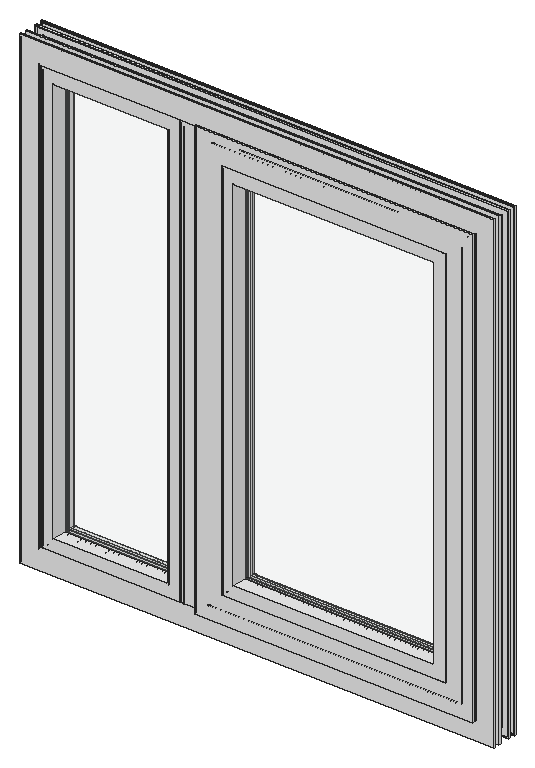
Revit family "Serene_T&T_Window_B_Custom", category Windows, host Wall, Revit 2014 (continued)
Definition of nested family "Serene_Fixed_Panel_B_Cust"
  Definition of nested family "Serene_Bead_D_Glazing_Square"
    Forms (mm)
      Sweep 1, solid, material <- "Profile Material"
        profile origin (450, 0, 0) x (0, 0, 1) y (0, -1, 0)
          loop
            line (-3.659, -5.4) -> (1.4, -5.4)
            arc (1.4, -5.4) -> (2.107, -5.107) -> (2.4, -4.4) r 1
            line (2.4, -4.4) -> (2.4, -1.2) -> (20.8, -1.2) -> (20.8, -12.4) -> (14.6, -12.4) -> (0, -16.7) -> (-3.659, -16.7)
            arc (-3.659, -16.7) -> (-4.142, -17.071) -> (-3.909, -17.633) r 0.5
            line (-3.909, -17.633) -> (-1.876, -18.807) -> (-1.876, -17.9) -> (0.173, -17.9) -> (14.6, -13.651) -> (14.6, -16.5) -> (17, -16.5) -> (17, -15.3) -> (15.8, -15.3) -> (15.8, -13.6) -> (20.8, -13.6) -> (20.8, -15.3) -> (19.6, -15.3) -> (19.6, -16.5) -> (22, -16.5)
    Lines and regions (mm)
      model lines, style "GenericModel"
        curve 1: line (22, 0, 1298) -> (0, 0, 1298)
        curve 2: line (878, 0, 1298) -> (900, 0, 1298)
        curve 3: line (878, 0, 22) -> (900, 0, 22)
        curve 4: line (22, 0, 22) -> (0, 0, 22)
    Dimensions and locks
      "Width Bead": Sweep 1 sketch curve to Sweep 1 sketch curve
      "Height Bead": Sweep 1 sketch curve to Sweep 1 sketch curve
      aligned and locked: level to plane 2
    Automatic sketch dimensions
      profile plane to Sweep 1 sketch curve = 3.909 mm  (x2)
      Sweep 1 sketch curve to Sweep 1 sketch curve = 0.25 mm  (x2)
      Sweep 1 sketch curve to Sweep 1 sketch curve = 2.033 mm
      Sweep 1 sketch curve to Sweep 1 sketch curve = 1.783 mm
      Sweep 1 sketch curve to Sweep 1 sketch curve = 1.876 mm  (x2)
      Sweep 1 sketch curve to Sweep 1 sketch curve = 0.173 mm
      Sweep 1 sketch curve to Sweep 1 sketch curve = 1.2 mm  (x9)
      Sweep 1 sketch curve to Sweep 1 sketch curve = 0.2 mm
      Sweep 1 sketch curve to Sweep 1 sketch curve = 12.2 mm
      Sweep 1 sketch curve to Sweep 1 sketch curve = 0 mm  (x4)
      Sweep 1 sketch curve to Sweep 1 sketch curve = 2.6 mm
      Sweep 1 sketch curve to plane 1 "Center (Front/Back)" = 18.807 mm
      Sweep 1 sketch curve to Sweep 1 sketch curve = 0.907 mm  (x2)
      Sweep 1 sketch curve to Sweep 1 sketch curve = 0.267 mm
      Sweep 1 sketch curve to Sweep 1 sketch curve = 0.433 mm
      Sweep 1 sketch curve to plane 1 "Center (Front/Back)" = 16.5 mm
      Sweep 1 sketch curve to Sweep 1 sketch curve = 1.649 mm
      Sweep 1 sketch curve to Sweep 1 sketch curve = 1.7 mm
      Sweep 1 sketch curve to Sweep 1 sketch curve = 1.251 mm
      Sweep 1 sketch curve to Sweep 1 sketch curve = 11.3 mm
      Sweep 1 sketch curve to Sweep 1 sketch curve = 0.5 mm
      Sweep 1 sketch curve to Sweep 1 sketch curve = 0.7 mm
      Sweep 1 sketch curve to Sweep 1 sketch curve = 3 mm
      curve 1 to Sweep 1 = 0 mm  (x3)
      curve 4 to Sweep 1 = 0 mm  (x2)
      Sweep 1 to curve 4 = 0 mm
      curve 3 to Sweep 1 = 0 mm  (x2)
      curve 2 to Sweep 1 = 0 mm  (x2)
      Sweep 1 to curve 3 = 0 mm
      Sweep 1 to curve 2 = 0 mm
      Sweep 1 sketch curve to plane 3 "Center (Left/Right)" = 0 mm
      Sweep 1 sketch curve to level = 0 mm
  Definition of nested family "Serene_Single_Glazing_Fixed_B_Cust"
    Parameters (values of type "Single_Glazing_Fixed")
      Glazing Width [instance] = 900 mm
      Glazing Height [instance] = 1500 mm
      Glazing Thickness SG [instance] = 4 mm
      Glazing Material [instance] = Glass
    Reference planes
      plane 1 "Center (Front/Back)": y = 0
      plane 2: z = 0
      plane 3 "Center (Left/Right)": x = 0
    Forms (mm)
      Extrusion 1, solid, material "Glass" <- "Glazing Material"
        sketch origin (0, 0, 0) x (1, 0, 0) y (0, 0, 1)
          loop
            line (0, 0) -> (0, 1500) -> (-900, 1500) -> (-900, 0) -> (0, 0)
        from 0 to 4 <- "Glazing Thickness SG"
    Dimensions and locks
      "Glazing Width": plane 3 "Center (Left/Right)" to Extrusion 1 sketch curve
      "Glazing Height": Extrusion 1 sketch curve to level
      aligned and locked: level to plane 2
      aligned and locked: Extrusion 1 sketch curve to plane 3 "Center (Left/Right)"
      aligned and locked: level to Extrusion 1 sketch curve
  Definition of nested family "Serene_Double_Glazing_Fixed_B_Cust"
    Parameters (values of type "Double_Glazing_Fixed")
      Glazing Width [instance] = 600 mm
      Glazing Height [instance] = 600 mm
      Glazing Thickness DG [instance] = 4 mm
      Glazing Material [instance] = Glass
      Double Glazing Gasket Thickness [instance] = 12 mm
      Double Glazing Gasket Material [instance] = none
    Reference planes
      plane 1 "Center (Front/Back)": y = 0
      plane 2: z = 0
      plane 3 "Center (Left/Right)": x = 0
    Forms (mm)
      Extrusion 1, solid, material "Glass" <- "Glazing Material"
        sketch origin (0, 0, 0) x (1, 0, 0) y (0, 0, 1)
          loop
            line (0, 0) -> (0, 600) -> (-600, 600) -> (-600, 0) -> (0, 0)
        from 0 to 4 <- "Glazing Thickness DG"
      Extrusion 2, solid, material <- "Double Glazing Gasket Material"
        sketch origin (0, -4, 0) x (1, 0, 0) y (0, 0, 1)
          loop
            line (-600, 600) -> (-600, 0) -> (0, 0) -> (0, 600) -> (-600, 600)
          loop
            line (-592, 8) -> (-8, 8) -> (-8, 592) -> (-592, 592) -> (-592, 8)
        from 0 to 12 <- "Double Glazing Gasket Thickness"
      Extrusion 3, solid, material "Glass" <- "Glazing Material"
        sketch origin (0, -16, 0) x (1, 0, 0) y (0, 0, 1)
          loop
            line (-600, 600) -> (-600, 0) -> (0, 0) -> (0, 600) -> (-600, 600)
        from 0 to 4 <- "Glazing Thickness DG"
    Dimensions and locks
      "Glazing Width": plane 3 "Center (Left/Right)" to Extrusion 1 sketch curve
      "Glazing Height": Extrusion 1 sketch curve to level
      aligned and locked: level to plane 2
      aligned and locked: Extrusion 1 sketch curve to plane 3 "Center (Left/Right)"
      aligned and locked: level to Extrusion 1 sketch curve
      aligned and locked: Extrusion 2 sketch curve to Extrusion 1  (x4)
      aligned and locked: Extrusion 3 sketch curve to Extrusion 2  (x4)
    Automatic sketch dimensions
      Extrusion 2 sketch curve to Extrusion 1 = 8 mm  (x4)
Definition of nested family "Serene_Single_Glazing_Tilt_&_Turn_B_Cust"
  Parameters (values of type "Single_Glazing_Tilt_&_Turn")
    Tilt [instance] = yes
    Right Hinged [instance] = yes
    Left Hinged [instance] = yes
    Half Width [instance] = Glazing Width / 2  # 450 mm
    Half Height [instance] = Glazing Height / 2  # 750 mm
    Glazing Width [instance] = 900 mm
    Glazing Height [instance] = 1500 mm
    Glazing Thickness SG [instance] = 4 mm
    Glazing Material [instance] = Glass
    Glazing Bead Gap = 21.8 mm  # constant formula
  Reference planes
    plane 1 "Center (Front/Back)": y = 0
    plane 2: z = 0
    plane 3 "Center (Left/Right)": x = 0
  Forms (mm)
    Extrusion 1, solid, material "Glass" <- "Glazing Material"
      sketch origin (0, 0, 0) x (1, 0, 0) y (0, 0, 1)
        loop
          line (0, 0) -> (0, 1500) -> (-900, 1500) -> (-900, 0) -> (0, 0)
      from 0 to 4 <- "Glazing Thickness SG"
  Lines and regions (mm)
    model lines, style "GenericModelHiddenLines", visible <- "Left Hinged"
      curve 1: line (-878.2, 0, 1478.2) -> (-21.8, 0, 750)
      curve 2: line (-21.8, 0, 750) -> (-878.2, 0, 21.8)
    model lines, style "GenericModelHiddenLines", visible <- "Right Hinged"
      curve 3: line (-21.8, 0, 1478.2) -> (-878.2, 0, 750)
      curve 4: line (-878.2, 0, 750) -> (-21.8, 0, 21.8)
    model lines, style "GenericModelHiddenLines", visible <- "Tilt"
      curve 5: line (-878.2, 0, 21.8) -> (-450, 0, 1478.2)
      curve 6: line (-450, 0, 1478.2) -> (-21.8, 0, 21.8)
  Dimensions and locks
    "Glazing Width": plane 3 "Center (Left/Right)" to Extrusion 1 sketch curve
    "Glazing Height": Extrusion 1 sketch curve to level
    "Glazing Bead Gap": curve 2 to Extrusion 1
    "Glazing Bead Gap": Extrusion 1 to curve 2  (x2)
    "Glazing Bead Gap": Extrusion 1 to curve 4  (x2)
    "Glazing Bead Gap": curve 4 to Extrusion 1
    "Glazing Bead Gap": Extrusion 1 to curve 3  (x2)
    "Glazing Bead Gap": Extrusion 1 to curve 1  (x2)
    "Half Height": curve 4 to Extrusion 1
    "Half Height": curve 2 to Extrusion 1
    "Glazing Bead Gap": Extrusion 1 to curve 6
    "Half Width": plane 3 "Center (Left/Right)" to curve 6
    aligned and locked: level to plane 2
    aligned and locked: Extrusion 1 sketch curve to plane 3 "Center (Left/Right)"
    aligned and locked: level to Extrusion 1 sketch curve
Definition of nested family "Serene_Single_Glazing_Fixed_B_Cust"
  Parameters (values of type "Single_Glazing_Fixed")
    Glazing Width [instance] = 900 mm
    Glazing Height [instance] = 1500 mm
    Glazing Thickness SG [instance] = 4 mm
    Glazing Material [instance] = Glass
  Reference planes
    plane 1 "Center (Front/Back)": y = 0
    plane 2: z = 0
    plane 3 "Center (Left/Right)": x = 0
  Forms (mm)
    Extrusion 1, solid, material "Glass" <- "Glazing Material"
      sketch origin (0, 0, 0) x (1, 0, 0) y (0, 0, 1)
        loop
          line (0, 0) -> (0, 1500) -> (-900, 1500) -> (-900, 0) -> (0, 0)
      from 0 to 4 <- "Glazing Thickness SG"
  Dimensions and locks
    "Glazing Width": plane 3 "Center (Left/Right)" to Extrusion 1 sketch curve
    "Glazing Height": Extrusion 1 sketch curve to level
    aligned and locked: level to plane 2
    aligned and locked: Extrusion 1 sketch curve to plane 3 "Center (Left/Right)"
    aligned and locked: level to Extrusion 1 sketch curve
